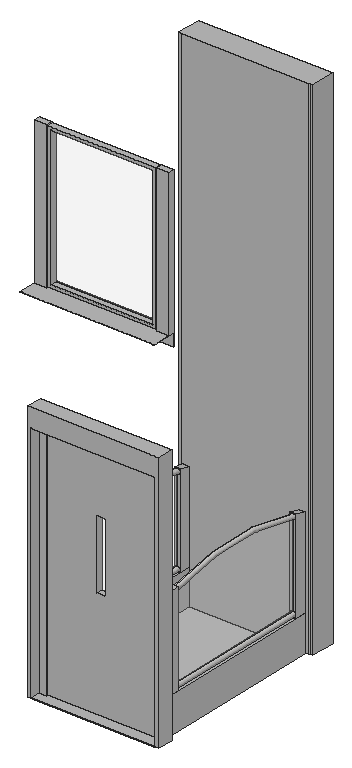
Revit family "Clarity16C-Shaftway-Same-Side", category Specialty Equipment, Revit 2026
Family settings
  Round Connector Dimension = Use Diameter
  Part Type = Normal
  Classification Number = 23.50.05.14.17.11
  Work Plane-Based = No
  Enable Cutting in Views = No
  Always vertical = Yes
  Cut with Voids When Loaded = No
  Maintain Annotation Orientation = No
  Shared = Yes
  Room Calculation Point = No
Parameters (values of type "16E")
  Voltage_MEP = 120 V
  URL = "ascension-lift.com"
  ULG [instance] = not(Full Height Upper Door)  # yes
  Travel height [instance] = 120"
  Stainless = Clarity_16E_Stainless
  Powder Coated = Clarity_16E_Powdercoat
  Overall Height [instance] = Travel height + 48"  # 168"
  Model = "Clarity 16C"
  Manufacturer = "Ascension, a division of AGM"
  MEP Apparent Power = 720 VA
  Length = 67.5"
  Width = 48.5"
  Keynote = "14400"
  Full Height Upper Door [instance] = no
  Description = "Vertical platform wheelchair lift"
  Default Elevation = 0"
  Brushes = Clarity_16E_Brushes
  Assembly Code = "D1010310"
Reference planes (in)
  plane 1: y = 58.01078
  plane 2: z = 0
  plane 3 "Left": x = -99.81451
  plane 4 "Right": x = -51.56406
  plane 5 "Back": y = 91.76101
  plane 6 "Front": y = 24.26055
  plane 7: x = -75.75201
Forms (in)
  Extrusion 1, solid, material "Clarity_16E_Powdercoat" <- "Powder Coated"
    sketch origin (0.0625, 0, 0) x (1, 0, 0) y (0, 1, 0)
      loop
        line (-97.75201, 91.76101) -> (-97.75201, 83.76101) -> (-96.75201, 83.76101) -> (-96.50201, 83.51101) -> (-55.00201, 83.51101) -> (-54.75201, 83.76101) -> (-53.75201, 83.76101) -> (-53.75201, 91.76101) -> (-97.75201, 91.76101)
    from 0 to 168 <- "Overall Height"
  Extrusion 2, solid, material "Clarity_16E_Powdercoat" <- "Powder Coated"
    sketch origin (0.0625, 0, 0) x (1, 0, 0) y (0, 1, 0)
      loop
        line (-95.75201, 82.94851) -> (-95.75201, 27.94851)
        arc (-95.75201, 27.94851) -> (-95.45912, 27.2414) -> (-94.75201, 26.94851) r 1
        line (-94.75201, 26.94851) -> (-56.75201, 26.94851)
        arc (-56.75201, 26.94851) -> (-56.0449, 27.2414) -> (-55.75201, 27.94851) r 1
        line (-55.75201, 27.94851) -> (-55.75201, 82.94851) -> (-95.75201, 82.94851)
    from 0 to 12
  Extrusion 3, void
    sketch origin (0.0625, 0, 12) x (0, 1, 0) y (1, 0, 0)
      loop
        line (26.94851, -93.75201) -> (82.94851, -93.75201) -> (82.94851, -57.75201) -> (26.94851, -57.75201) -> (26.94851, -93.75201)
    from 0 to 11.5
  Extrusion 4, void
    sketch origin (-93.68951, 82.94851, 12) x (0, 1, 0) y (0, 0, -1)
      loop
        line (-56, 11.5) -> (-55, 11.5) -> (-56, 12) -> (-56, 11.5)
    from 0 to -36
Cuts and joins
  Extrusion 3, Extrusion 4 cuts Extrusion 2
Dimensions and locks (in)
  Extrusion 2 sketch curve to Extrusion 2 sketch curve = 40"
  Extrusion 2 sketch curve to Extrusion 2 sketch curve = 56"
  equal spacing: plane 5 "Back", plane 1, plane 6 "Front"
  "Travel height": Extrusion 1 to nested 4
  aligned and locked: level to plane 2
  aligned and locked: nested 3 to Extrusion 1
  aligned and locked: nested 5 to nested 4
Automatic sketch dimensions
  Extrusion 1 sketch curve to plane 5 "Back" = 0"
  Extrusion 1 sketch curve to plane 5 "Back" = 8"  (x2)
  plane 3 "Left" to Extrusion 1 sketch curve = 2.125"
  Extrusion 1 sketch curve to Extrusion 1 sketch curve = 1"  (x2)
  Extrusion 1 sketch curve to Extrusion 1 sketch curve = 0.25"  (x2)
  Extrusion 1 sketch curve to plane 5 "Back" = 8.25"
  Extrusion 1 sketch curve to Extrusion 1 sketch curve = 41.5"
  Extrusion 2 sketch curve to Extrusion 2 sketch curve = 1"  (x2)
  Extrusion 2 to Extrusion 3 sketch curve = 0"
  Extrusion 3 sketch curve to Extrusion 2 = 0"
  Extrusion 3 sketch curve to Extrusion 2 = 2"  (x2)
  Extrusion 4 sketch curve to Extrusion 3 = 0"
  Extrusion 3 to Extrusion 4 sketch curve = 0"
  Extrusion 4 sketch curve to Extrusion 3 = 1"
  Extrusion 3 to Extrusion 4 sketch curve = 0.5"
  plane 3 "Left" to Extrusion 2 sketch curve = 4.125"
  Extrusion 2 sketch curve to plane 6 "Front" = 2.68795"
Nested families (in)
  nested 1: "20190822 Clarity_16E_curvedside" at (-94.75201, 82.90503, 12), type "Clarity_16E_curvedside", detail levels fine
  nested 2: "20190822 Clarity_16E_curvedside" at (-56.75201, 82.94851, 12), type "Clarity_16E_curvedside", detail levels fine
  nested 3: "20190927 Hoistway door" at (-75.68951, 26.19851, 0), type "20190927 Hoistway door"
    with Full height upper landing enclosure yes
  nested 4: "20190927 Hoistway door" at (-75.68951, 26.19851, 120), visible <- "Full Height Upper Door", type "20190927 Hoistway door"
    with Full height upper landing enclosure yes
  nested 5: "20190823 Clarity_16D_ULG" at (-75.75201, 26.61637, 120) x (-1, 0, 0) z (0, 0, 1), visible <- "ULG", type "Protege_ULG"
    with RH_gate_operator no, RH_gate no, Panel_custom_height 11.875", LH_gate_operator yes, LH_gate yes, Full Height no, Door height 47.875"
Connectors (in)
  electrical at (-64.68951, 91.76189, 0), driven by "Voltage_MEP", driven by "MEP Apparent Power"
    settings: index 2, voltage 120 V, apparent load 0 VA, apparent load phase1 720 VA, apparent load phase2 0 VA, apparent load phase3 0 VA, power factor 1, load classification "Other", number of poles 1, system type 31, power factor state 1, is connector primary yes, connector utility no, sub classification motor no, connector description ""
Definition of nested family "20190822 Clarity_16E_curvedside"
  Parameters (values of type "20190822 Clarity_16E_curvedside")
    Stainless = none
    Powder Coated = none
    Default Elevation = 0"
    Acrylic = none
  Reference planes (in)
    plane 1 "Center (Front/Back)": y = 0
    plane 2: z = 0
    plane 3 "Center (Left/Right)": x = 0
  Forms (in)
    Extrusion 1, solid, material <- "Powder Coated"
      sketch origin (0, 0, 0) x (0, 1, 0) y (0, 0, 1)
        loop
          line (-56, 0) -> (-52, 0) -> (-52, 30.75) -> (-54, 30.25) -> (-56, 30.25) -> (-56, 0)
        loop
          line (0, 0) -> (0, 29.875) -> (-3.5, 30.75) -> (-3.5, 0) -> (0, 0)
      from -1 to 1
    Sweep 2, solid, material <- "Stainless"
      path origin (0, 0, 0) x (0, 1, 0) y (0, 0, 1)
        loop
          line (-52.95844, 29.46471) -> (-52, 29.75)
          arc (-52, 29.75) -> (-27.75, 33.2826) -> (-3.5, 29.75) r 85
          line (-3.5, 29.75) -> (-2.54156, 29.46471)
      profile origin (0, -27.75, 33.2826) x (0, 0, 1) y (1, 0, 0)
        loop
          circle (0, 0) r 0.75
    Extrusion 3, solid, material <- "Stainless"
      sketch origin (0, -52, 0.25) x (0, 0, 1) y (1, 0, 0)
        loop
          circle (0.75, 0) r 0.75
      from 0 to 48.5
    Extrusion 4, solid, material <- "Acrylic"
      sketch origin (0, 0, 0) x (0, 1, 0) y (0, 0, 1)
        loop
          line (-52, 1.75) -> (-3.5, 1.75) -> (-3.5, 29)
          arc (-3.5, 29) -> (-27.75, 32.56543) -> (-52, 29) r 84.25
          line (-52, 29) -> (-52, 1.75)
      from -0.125 to 0.125
  Dimensions and locks (in)
    aligned and locked: level to plane 2
Definition of nested family "20190927 Hoistway door"
  Parameters (values of type "20190927 Hoistway door")
    Powder Coated = none
    Full height upper landing enclosure [instance] = yes
    Default Elevation = 0"
  Reference planes (in)
    plane 1 "Center (Front/Back)": y = 0
    plane 2: z = 0
    plane 3 "Center (Left/Right)": x = 0
  Forms (in)
    Extrusion 1, solid, material <- "Powder Coated"
      sketch origin (0, 0, 0) x (1, 0, 0) y (0, 1, 0)
        loop
          line (-21.5, 0) -> (-21.5, -5.25) -> (21.5, -5.25) -> (21.5, 0) -> (-21.5, 0)
      from 0 to 85.625
    Extrusion 2, void
      sketch origin (19.5, -5.25, 0) x (1, 0, 0) y (0, 0, -1)
        loop
          line (-39.875, -79.625) -> (0.875, -79.625) -> (0.875, -0.125) -> (-39.875, -0.125) -> (-39.875, -79.625)
      from 0 to 3.25
    Extrusion 3, void
      sketch origin (19.5, -2, 0) x (1, 0, 0) y (0, 0, -1)
        loop
          line (-37.5, -0.125) -> (-37.5, -78.625) -> (-1.5, -78.625) -> (-1.5, -0.125) -> (-37.5, -0.125)
      from 0 to 2
    Extrusion 4, solid, material <- "Powder Coated"
      sketch origin (19.5, -2, 0) x (-1, 0, 0) y (0, 0, -1)
        loop
          line (37.125, -0.5) -> (1.875, -0.5) -> (1.875, -78.25) -> (37.125, -78.25) -> (37.125, -0.5)
      from -2 to 0
    Extrusion 5, void
      sketch origin (19.5, -2, 0) x (1, 0, 0) y (0, 0, -1)
        loop
          line (-21, -59.25) -> (-18, -59.25) -> (-18, -36.25) -> (-21, -36.25) -> (-21, -59.25)
      from 0 to 12
  Cuts and joins
    Extrusion 2, Extrusion 3 cuts Extrusion 1
    Extrusion 5 cuts Extrusion 4
  Dimensions and locks (in)
    Extrusion 2 sketch curve to Extrusion 1 = 6"
    Extrusion 1 to Extrusion 2 sketch curve = 1.125"  (x2)
    Extrusion 3 sketch curve to cut or joined group of Extrusion 1, Extrusion 2, Extrusion 3 = 1"
    Extrusion 3 sketch curve to cut or joined group of Extrusion 1, Extrusion 2, Extrusion 3 = 3.5"  (x2)
    Extrusion 4 sketch curve to cut or joined group of Extrusion 1, Extrusion 2, Extrusion 3 = 0.375"
    cut or joined group of Extrusion 1, Extrusion 2, Extrusion 3 to Extrusion 4 sketch curve = 0.375"  (x3)
    aligned and locked: level to plane 2
    aligned and locked: Extrusion 3 sketch curve to cut or joined group of Extrusion 1, Extrusion 2, Extrusion 3
Definition of nested family "20190823 Clarity_16D_ULG"
  Parameters (values of type "Protege_ULG")
    URL = "http://www.wheelchairlift.com/"
    RH_gate_operator [instance] = and(RH_gate, not(Full Height))  # no
    LH_gate_operator [instance] = and(LH_gate, not(Full Height))  # no
    LH_gate [instance] = yes
    Structure = none
    Stainless = none
    Panel_custom_height [instance] = 11.875"
    RH_gate [instance] = not(LH_gate)  # no
    Model = "Protégé ULG"
    Manufacturer = "Ascension, a division of AGM"
    Full Height [instance] = yes
    Door height [instance] = if(Full Height, 47.875" + 40.625" - 8", 47.875")  # 80.5"
    Description = "Upper landing gate for Ascension Protégé"
    Default Elevation = 0"
    Assembly Code = "D1010310"
    Window = none
  Reference planes (in)
    plane 1 "Center (Front/Back)": y = 0
    plane 2: z = 0
    plane 3 "Center (Left/Right)": x = 0
  Forms (in)
    Extrusion 1, solid, material <- "Structure"
      sketch origin (0, 0, 0) x (0, 1, 0) y (0, 0, 1)
        loop
          line (0, 0.125) -> (0, -4) -> (0.125, -4) -> (0.125, 0) -> (8, 0) -> (8, 0.125) -> (0, 0.125)
      from -22.0625 to 22.0625
    Extrusion 2, solid, material <- "Structure"
      sketch origin (0, 0, -0.125) x (1, 0, 0) y (0, 0, 1)
        loop
          line (-17.6875, 80.75) -> (-17.6875, 0.625) -> (17.6875, 0.625) -> (17.6875, 80.75) -> (-17.6875, 80.75)
        loop
          line (-16.6875, 79.75) -> (-16.6875, 1.625) -> (16.6875, 1.625) -> (16.6875, 79.75) -> (-16.6875, 79.75)
      from 0 to -2
    Extrusion 3, solid, material <- "Window"
      sketch origin (0, 0, 0) x (1, 0, 0) y (0, 0, 1)
        loop
          line (-16.6875, 79.625) -> (-16.6875, 1.625) -> (16.6875, 1.625) -> (16.6875, 79.625) -> (-16.6875, 79.625)
      from 0 to -0.25
    Extrusion 4, solid, material <- "Structure"
      sketch origin (0, 0, 0.125) x (0, 1, 0) y (-1, 0, 0)
        loop
          line (0, -22.0625) -> (2, -22.0625) -> (2, -18.06122) -> (0, -18.06122) -> (0, -22.0625)
        loop
          line (0, 22.0625) -> (0, 18.0625) -> (2, 18.0625) -> (2, 22.0625) -> (0, 22.0625)
      from 0 to 80.5 <- "Door height"
    Extrusion 5, solid, material <- "Structure", visible <- "Full Height"
      sketch origin (0, 0, -12) x (0, 0, 1) y (-1, 0, 0)
        loop
          line (92.625, 22.06304) -> (92.625, -22.06098) -> (100.625, -22.06098) -> (100.625, 22.06304) -> (92.625, 22.06304)
      from 0 to -8
    Extrusion 6, solid, material <- "Structure", visible <- "Full Height"
      sketch origin (0, 0, -0.125) x (1, 0, 0) y (0, 0, 1)
        loop
          line (-16.6875, 41.75) -> (-16.6875, 39.75) -> (16.6875, 39.75) -> (16.6875, 41.75) -> (-16.6875, 41.75)
      from 0 to -2
  Cuts and joins
    joined: Extrusion 1, Extrusion 4
  Dimensions and locks (in)
    Extrusion 2 sketch curve to Extrusion 2 sketch curve = 35.375"
    locked: Extrusion 2 sketch curve to Extrusion 2 sketch curve at 1
    aligned and locked: level to plane 2
    aligned and locked: cut or joined group of Extrusion 1, Extrusion 4 to Extrusion 2
    aligned and locked: Extrusion 3 to Extrusion 2
